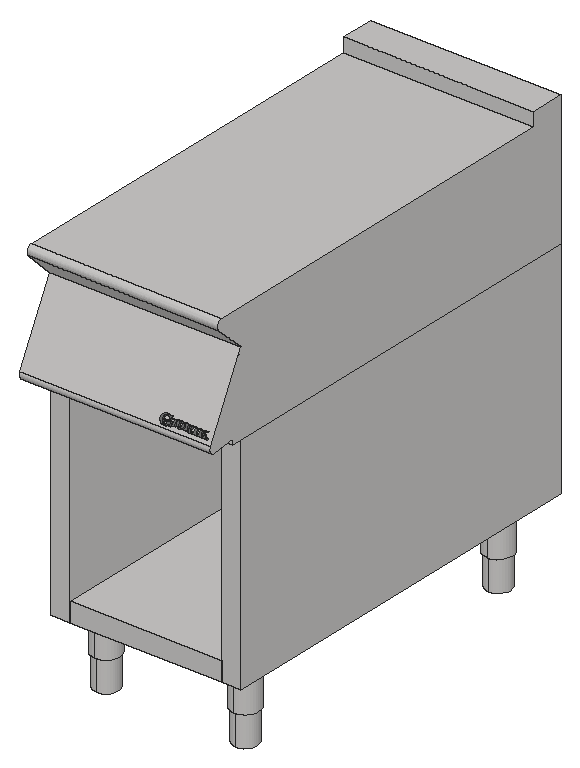
Revit family "QF_GIORIK_EN920G", category Specialty Equipment, Revit 2014
Parameters (values of type "EN920G")
  Weight in Pounds = 132.2772
  URL Cutsheet = "www.giorik.com"
  URL = "www.giorik.com"
  Status [instance] = ""
  Specification by User [instance] = ""
  Specification by Manufacturer = ""
  Show Logo [instance] = yes
  Show Clearance [instance] = yes
  Serial Number = ""
  Seismic Rating = ""
  SMACNA No = ""
  Revision Code [instance] = ""
  NAFEM Spec ID Number = ""
  Model = "EN920G"
  Masterspec = ""
  Manufacturer = "GIORIK"
  Item Number [instance] = ""
  Installed By [instance] = ""
  Identify Quantity as Lot [instance] = no
  Furnished By [instance] = ""
  Foodservice Equipment Identifier [instance] = yes
  Description = "NEUTRAL UNIT ON OPEN BASE UNIT"
  CSI MasterFormat = ""
  Assembly Code = "E1090320"
Reference planes
  plane 1 "Back": y = 0
  plane 2: z = 0
  plane 3 "Left": x = 0
  plane 4 "Right": x = 400
  plane 5 "Front": y = -920
  plane 6 "Top": z = 900
Forms (mm)
  Extrusion 1, solid, visible <- "Show Logo"
    sketch origin (196.604, -936.761, 609.486) x (-1, 0, 0) y (0, 0.452718, 0.891654)
      loop
        line (-118.824, 58.358) -> (-127.804, 58.358) -> (-125.523, 56.445) -> (-125.523, 48.027) -> (-127.804, 46.113) -> (-118.824, 46.113) -> (-121.105, 48.027) -> (-121.105, 56.445) -> (-118.824, 58.358)
      loop
        line (-163.721, 58.358) -> (-172.7, 58.358) -> (-170.42, 56.445) -> (-170.42, 48.027) -> (-172.7, 46.113) -> (-163.721, 46.113) -> (-166.001, 48.027) -> (-166.001, 56.445) -> (-163.721, 58.358)
      loop
        line (-174.332, 58.358) -> (-183.312, 58.358) -> (-181.031, 56.445) -> (-181.031, 52.435) -> (-186.419, 56.955) -> (-184.416, 58.358) -> (-191.268, 58.358) -> (-188.01, 56.839) -> (-185.455, 54.283) -> (-190.846, 47.858) -> (-193.396, 46.93) -> (-193.396, 46.113) -> (-184.416, 46.113) -> (-185.437, 47.571) -> (-182.443, 51.552) -> (-181.031, 50.894) -> (-181.031, 48.027) -> (-183.312, 46.113) -> (-174.332, 46.113) -> (-176.613, 48.027) -> (-176.613, 56.445) -> (-174.332, 58.358)
      loop
        line (-115.429, 62.063) -> (-115.429, 54.198)
        arc (-115.429, 54.198) -> (-111.618, 57.803) -> (-106.847, 59.986) r 16.039
        arc (-106.847, 59.986) -> (-103.314, 59.837) -> (-100.512, 57.68) r 5.851
        arc (-100.512, 57.68) -> (-98.815, 52.267) -> (-100.512, 46.853) r 9.479
        arc (-100.512, 46.853) -> (-102.406, 44.986) -> (-104.846, 43.93) r 7.236
        arc (-104.846, 43.93) -> (-107.728, 44.111) -> (-110.052, 45.825) r 5.11
        line (-110.052, 45.825) -> (-110.052, 52.001) -> (-116.141, 52.001) -> (-116.141, 45.503) -> (-117.893, 43.751) -> (-114.094, 44.769)
        arc (-114.094, 44.769) -> (-112.56, 44.947) -> (-111.129, 44.366) r 3.115
        arc (-111.129, 44.366) -> (-104.216, 42.091) -> (-97.303, 44.366) r 11.641
        arc (-97.303, 44.366) -> (-93.396, 52.107) -> (-97.303, 59.849) r 9.622
        arc (-97.303, 59.849) -> (-104.369, 62.174) -> (-111.435, 59.849) r 11.898
        line (-111.435, 59.849) -> (-115.429, 62.063)
      loop
        arc (-129.234, 56.068) -> (-135.893, 58.628) -> (-142.552, 56.068) r 9.941
        arc (-142.552, 56.068) -> (-144.234, 52.286) -> (-142.552, 48.505) r 5.093
        arc (-142.552, 48.505) -> (-135.893, 45.945) -> (-129.234, 48.505) r 9.941
        arc (-129.234, 48.505) -> (-127.552, 52.286) -> (-129.234, 56.068) r 5.093
      loop
        arc (-132.628, 54.403) -> (-135.893, 57.668) -> (-139.158, 54.403) r 3.265
        line (-139.158, 54.403) -> (-139.158, 50.169)
        arc (-139.158, 50.169) -> (-135.893, 46.904) -> (-132.628, 50.169) r 3.265
        line (-132.628, 50.169) -> (-132.628, 54.403)
      loop
        arc (-156.363, 58.365) -> (-159.647, 55.081) -> (-156.363, 51.796) r 3.285
        line (-156.363, 51.796) -> (-159.529, 47.306) -> (-162.087, 46.113) -> (-155.847, 46.113) -> (-153.529, 51.083) -> (-150.637, 51.083) -> (-150.637, 47.784) -> (-153.022, 46.113) -> (-144.011, 46.113) -> (-146.094, 47.68) -> (-146.094, 56.493) -> (-144.229, 58.365) -> (-156.363, 58.365)
      loop
        line (-150.637, 57.512) -> (-153.637, 57.512)
        arc (-153.637, 57.512) -> (-156.237, 54.912) -> (-153.637, 52.312) r 2.6
        line (-153.637, 52.312) -> (-150.637, 52.312) -> (-150.637, 57.512)
      loop
        line (-108.924, 52.001) -> (-104.936, 49.005) -> (-100.948, 52.001) -> (-108.924, 52.001)
    from 1.5 to -0.5
  Extrusion 2, solid
    sketch origin (-16, 1025.81, 0) x (1, 0, 0) y (0, 1, 0)
      loop
        line (25, -1086.81) -> (25, -1156.81) -> (115, -1156.81) -> (115, -1086.81) -> (25, -1086.81)
    from 148 to 150
  Extrusion 3, solid
    sketch origin (0, -200, 0) x (1, 0, 0) y (0, 1, 0)
      loop
        line (40, 160) -> (40, -640) -> (360.325, -640) -> (360.325, 160) -> (40, 160)
    from 150 to 190
  Extrusion 4, solid
    sketch origin (416, 1025.81, 0) x (-1, 0, 0) y (0, -1, 0)
      loop
        line (25, 1086.81) -> (115, 1086.81) -> (115, 1156.81) -> (25, 1156.81) -> (25, 1086.81)
    from 148 to 150
  Extrusion 5, solid
    sketch origin (0, 800, -20) x (0, 1, 0) y (0, 0, 1)
      loop
        line (-800, 919.988) -> (-870, 919.988) -> (-870, 889.988) -> (-1688.806, 889.988)
        arc (-1688.806, 889.988) -> (-1699.151, 883.075) -> (-1696.724, 870.873) r 11.197
        line (-1696.724, 870.873) -> (-1640.876, 815.025) -> (-1718.948, 661.258)
        arc (-1718.948, 661.258) -> (-1718.233, 650.105) -> (-1708.118, 645.354) r 10.981
        line (-1708.118, 645.354) -> (-1660, 649.925) -> (-1660, 640) -> (-800, 640) -> (-800, 919.988)
    from 0 to 400
  Extrusion 6, solid
    sketch origin (0, -200, 599.536) x (1, 0, 0) y (0, 1, 0)
      loop
        line (0, -640) -> (40, -640) -> (40, 160) -> (360, 160) -> (360, -640) -> (400, -640) -> (400, 200) -> (0, 200) -> (0, -640)
    from -449.536 to 20.464
  Extrusion 7, solid
    sketch origin (0, -200, 0) x (1, 0, 0) y (0, 1, 0)
      loop
        line (40, 160) -> (40, -640) -> (360, -640) -> (360, 160) -> (40, 160)
    from 150 to 190
  Extrusion 8, solid
    sketch origin (-16, 360.81, 0) x (1, 0, 0) y (0, 1, 0)
      loop
        line (25, -1086.81) -> (25, -1156.81) -> (115, -1156.81) -> (115, -1086.81) -> (25, -1086.81)
    from 148 to 150
  Revolve 9, solid
    sketch origin (54, 360.81, 0) x (0, 1, 0) y (0, 0, 1)
      loop
        line (-1092.56, 66) -> (-1092.56, 148) -> (-1121.81, 148) -> (-1121.81, 0) -> (-1096.81, 0) -> (-1096.81, 66) -> (-1092.56, 66)
      axis (-1121.81, 0) -> (-1121.81, 148)
    angle from 0 to 360
  Extrusion 10, solid
    sketch origin (416, 360.81, 0) x (-1, 0, 0) y (0, -1, 0)
      loop
        line (25, 1086.81) -> (115, 1086.81) -> (115, 1156.81) -> (25, 1156.81) -> (25, 1086.81)
    from 148 to 150
  Revolve 11, solid
    sketch origin (346, 360.81, 0) x (0, 1, 0) y (0, 0, 1)
      loop
        line (-1092.56, 66) -> (-1092.56, 148) -> (-1121.81, 148) -> (-1121.81, 0) -> (-1096.81, 0) -> (-1096.81, 66) -> (-1092.56, 66)
      axis (-1121.81, 0) -> (-1121.81, 148)
    angle from 0 to 360
  Revolve 12, solid
    sketch origin (346, 1025.81, 0) x (0, 1, 0) y (0, 0, 1)
      loop
        line (-1092.56, 66) -> (-1092.56, 148) -> (-1121.81, 148) -> (-1121.81, 0) -> (-1096.81, 0) -> (-1096.81, 66) -> (-1092.56, 66)
      axis (-1121.81, 0) -> (-1121.81, 148)
    angle from 0 to 360
  Revolve 13, solid
    sketch origin (54, 1025.81, 0) x (0, 1, 0) y (0, 0, 1)
      loop
        line (-1092.56, 66) -> (-1092.56, 148) -> (-1121.81, 148) -> (-1121.81, 0) -> (-1096.81, 0) -> (-1096.81, 66) -> (-1092.56, 66)
      axis (-1121.81, 0) -> (-1121.81, 148)
    angle from 0 to 360
Lines and regions (mm)
  symbolic lines, style "200-EquipBorder-2D"
    curve 1: line (0, -920, 0) -> (400, -920, 0)
    curve 2: line (400, -920, 0) -> (400, 0, 0)
    curve 3: line (400, 0, 0) -> (0, 0, 0)
    curve 4: line (0, 0, 0) -> (0, -920, 0)
  symbolic lines, style "200-EquipInternal-2D"
    curve 5: line (0, -70, 900) -> (400, -70, 900)
Dimensions and locks
  plane 3 "Left" to plane 4 "Right" = 400 mm
  plane 5 "Front" to plane 1 "Back" = 920 mm
  plane 4 "Right" to plane 3 "Left" = 400 mm
  plane 1 "Back" to plane 5 "Front" = 920 mm
  plane 6 "Top" to level = 900 mm  (x2)
  aligned and locked: level to plane 2
